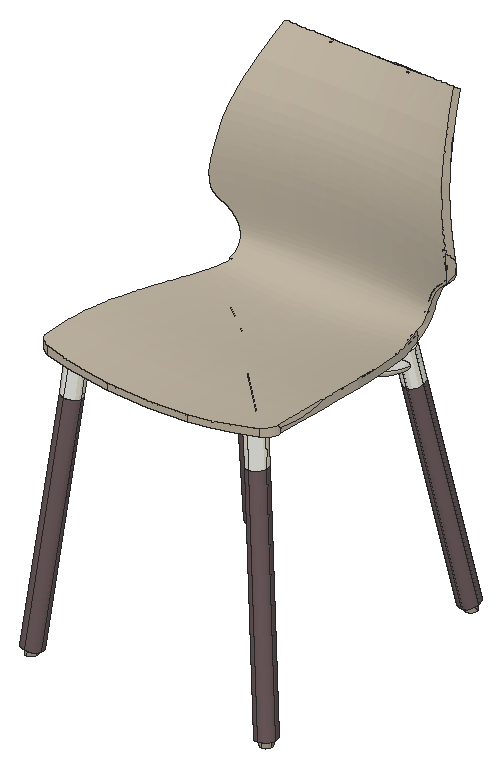
Revit family "FU_Chair_Sandler_Uni 602-M", category Furniture, Revit 2022
Family settings
  OmniClass Number = 23.40.20.00
  OmniClass Title = General Furniture and Specialties
  Work Plane-Based = No
  Always vertical = Yes
  Cut with Voids When Loaded = No
  Render Appearance Source = Family Geometry
  Shared = No
  Room Calculation Point = No
Parameters (values of type "UNI 602-M")
  Width = 450 mm
  URL = "https://www.sandlerseating.com/product/uni-602-m/"
  Shell [instance] = POLYPROPYLENE - NCS S0502-B Traffic White
  Seat [instance] = Fabric - Mainline Flax - Upminster MLF20
  Model = "UNI 602-M"
  Manufacturer = "Sandler"
  Height = 820 mm
  Frame [instance] = Beech - Dark Brown Stain
  Description = "Upholstered polypropylene side chair with beech wood frame, and rounded legs."
  Depth = 540 mm
  Default Elevation = 0 mm
Reference planes
  plane 1 "Center (Front/Back)": y = 0
  plane 2: z = 0
  plane 3 "Center (Left/Right)": x = 0
  plane 4: x = -225
  plane 5: x = 225
  plane 6: y = 270
  plane 7: y = -270
  plane 8: z = 820
  plane 9: z = 480
  plane 10 "FL RIGHT": through (4267.2, -252.167, 14.075) normal (0, -0.9966, 0.0825)
  plane 11 "BL RIGHT": through (4267.2, 223.049, 14.555) normal (0, -0.9802, -0.198)
  plane 12 "Frame Seat RIGHT": through (4267.2, -196.569, 458.017) normal (0, 0.1138, 0.9935)
  plane 13: z = 11.573
Forms (mm)
  Sweep 1, solid, material "POLYPROPYLENE - NCS S0502-B Traffic White" <- "Shell"
    path origin (0, -251.607, 20.836) x (0, -0.082528, -0.996589) y (1, 0, 0)
      loop
        line (-394.897, 165.074) -> (-454.561, 158.733)
    profile "Pro_Circles : 35mm" origin (161.904, -216.555, 444.116) x (-0.9944, -0.008722, -0.105319) y (0, -0.996589, 0.082528)
      loop
        arc (-17.467, 0.067) -> (-12.418, -12.323) -> (-0.066, -17.467) r 17.401
        arc (-0.066, -17.467) -> (12.371, -12.371) -> (17.467, 0.067) r 17.401
        arc (17.467, 0.067) -> (12.323, 12.418) -> (-0.067, 17.467) r 17.4
        arc (-0.067, 17.467) -> (-12.37, 12.37) -> (-17.467, 0.067) r 17.4
  Sweep 2, solid, material "Rubber, Black"
    path origin (0, -251.607, 20.836) x (0, -0.082528, -0.996589) y (1, 0, 0)
      loop
        line (29.336, 210.16) -> (4.476, 207.518)
    profile "Pro_Circles : 20mm" origin (208.839, -253.002, 3.988) x (-0.9944, -0.008722, -0.105319) y (0, -0.996589, 0.082528)
      loop
        arc (-9.967, 0.067) -> (-7.115, -7.02) -> (-0.067, -9.967) r 9.901
        arc (-0.067, -9.967) -> (7.068, -7.068) -> (9.967, 0.067) r 9.901
        arc (9.967, 0.067) -> (7.02, 7.115) -> (-0.067, 9.967) r 9.901
        arc (-0.067, 9.967) -> (-7.067, 7.067) -> (-9.967, 0.067) r 9.9
  Sweep 3, solid, material "POLYPROPYLENE - NCS S0502-B Traffic White" <- "Shell"
    path origin (0, -251.607, 20.836) x (0, -0.082528, -0.996589) y (1, 0, 0)
      loop
        line (-394.897, -165.074) -> (-454.561, -158.733)
    profile "Pro_Circles : 35mm" origin (-161.904, -216.555, 444.116) x (-0.9944, 0.008722, 0.105319) y (0, -0.996589, 0.082528)
      loop
        arc (17.467, 0.067) -> (12.37, 12.37) -> (0.067, 17.467) r 17.4
        arc (0.067, 17.467) -> (-12.323, 12.418) -> (-17.467, 0.067) r 17.4
        arc (-17.467, 0.067) -> (-12.371, -12.371) -> (0.066, -17.467) r 17.401
        arc (0.066, -17.467) -> (12.418, -12.323) -> (17.467, 0.067) r 17.401
  Sweep 4, solid, material "Beech - Dark Brown Stain" <- "Frame"
    path origin (0, -251.607, 20.836) x (0, -0.082528, -0.996589) y (1, 0, 0)
      loop
        line (10.748, -208.184) -> (-394.897, -165.074)
    profile "Pro_Circles : 35mm" origin (-186.629, -235.755, 212.255) x (-0.9944, 0.008722, 0.105319) y (0, -0.996589, 0.082528)
      loop
        arc (17.467, 0.067) -> (12.37, 12.37) -> (0.067, 17.467) r 17.4
        arc (0.067, 17.467) -> (-12.323, 12.418) -> (-17.467, 0.067) r 17.4
        arc (-17.467, 0.067) -> (-12.371, -12.371) -> (0.066, -17.467) r 17.401
        arc (0.066, -17.467) -> (12.418, -12.323) -> (17.467, 0.067) r 17.401
  Sweep 5, solid, material "POLYPROPYLENE - NCS S0502-B Traffic White" <- "Shell"
    path origin (0, 217.127, 43.869) x (0, 0.19804, -0.980194) y (1, 0, 0)
      loop
        line (-347.252, 151.735) -> (-407.439, 145.409)
    profile "Pro_Circles : 35mm" origin (148.572, 142.398, 413.74) x (-0.994522, 0.020701, -0.102458) y (0, -0.980194, -0.19804)
      loop
        arc (-17.467, 0.067) -> (-12.418, -12.323) -> (-0.066, -17.467) r 17.401
        arc (-0.066, -17.467) -> (12.371, -12.371) -> (17.467, 0.067) r 17.401
        arc (17.467, 0.067) -> (12.323, 12.418) -> (-0.067, 17.467) r 17.4
        arc (-0.067, 17.467) -> (-12.37, 12.37) -> (-17.467, 0.067) r 17.4
  Sweep 6, solid, material "Rubber, Black"
    path origin (0, 217.127, 43.869) x (0, 0.19804, -0.980194) y (1, 0, 0)
      loop
        line (52.004, 191.377) -> (32.103, 189.386)
    profile "Pro_Circles : 20mm" origin (190.381, 225.455, 2.648) x (-0.995032, 0.019716, -0.097583) y (0, -0.980194, -0.19804)
      loop
        arc (-9.967, 0.067) -> (-7.115, -7.02) -> (-0.067, -9.967) r 9.901
        arc (-0.067, -9.967) -> (7.068, -7.068) -> (9.967, 0.067) r 9.901
        arc (9.967, 0.067) -> (7.02, 7.115) -> (-0.067, 9.967) r 9.901
        arc (-0.067, 9.967) -> (-7.067, 7.067) -> (-9.967, 0.067) r 9.9
  Sweep 7, solid, material "POLYPROPYLENE - NCS S0502-B Traffic White" <- "Shell"
    path origin (0, 217.127, 43.869) x (0, 0.19804, -0.980194) y (1, 0, 0)
      loop
        line (-347.252, -151.735) -> (-407.439, -145.409)
    profile "Pro_Circles : 35mm" origin (-148.572, 142.398, 413.74) x (-0.994522, -0.020701, 0.102458) y (0, -0.980194, -0.19804)
      loop
        arc (17.467, 0.067) -> (12.37, 12.37) -> (0.067, 17.467) r 17.4
        arc (0.067, 17.467) -> (-12.323, 12.418) -> (-17.467, 0.067) r 17.4
        arc (-17.467, 0.067) -> (-12.371, -12.371) -> (0.066, -17.467) r 17.401
        arc (0.066, -17.467) -> (12.418, -12.323) -> (17.467, 0.067) r 17.401
  Sweep 8, solid, material "Beech - Dark Brown Stain" <- "Frame"
    path origin (0, 217.127, 43.869) x (0, 0.19804, -0.980194) y (1, 0, 0)
      loop
        line (32.814, -189.457) -> (-347.22, -151.434)
    profile "Pro_Circles : 35mm" origin (-170.445, 185.995, 197.958) x (-0.995032, -0.019716, 0.097583) y (0, -0.980194, -0.19804)
      loop
        arc (17.467, 0.067) -> (12.37, 12.37) -> (0.067, 17.467) r 17.4
        arc (0.067, 17.467) -> (-12.323, 12.418) -> (-17.467, 0.067) r 17.4
        arc (-17.467, 0.067) -> (-12.371, -12.371) -> (0.066, -17.467) r 17.401
        arc (0.066, -17.467) -> (12.418, -12.323) -> (17.467, 0.067) r 17.401
  Sweep 9, solid, material "Beech - Dark Brown Stain" <- "Frame"
    path origin (0, -251.607, 20.836) x (0, -0.082528, -0.996589) y (1, 0, 0)
      loop
        line (10.748, 208.184) -> (-394.897, 165.074)
    profile "Pro_Circles : 35mm" origin (186.629, -235.755, 212.255) x (-0.9944, -0.008722, -0.105319) y (0, -0.996589, 0.082528)
      loop
        arc (-17.467, 0.067) -> (-12.418, -12.323) -> (-0.066, -17.467) r 17.401
        arc (-0.066, -17.467) -> (12.371, -12.371) -> (17.467, 0.067) r 17.401
        arc (17.467, 0.067) -> (12.323, 12.418) -> (-0.067, 17.467) r 17.4
        arc (-0.067, 17.467) -> (-12.37, 12.37) -> (-17.467, 0.067) r 17.4
  Sweep 10, solid, material "Beech - Dark Brown Stain" <- "Frame"
    path origin (0, 217.127, 43.869) x (0, 0.19804, -0.980194) y (1, 0, 0)
      loop
        line (32.814, 189.457) -> (-347.22, 151.434)
    profile "Pro_Circles : 35mm" origin (170.445, 185.995, 197.958) x (-0.995032, 0.019716, -0.097583) y (0, -0.980194, -0.19804)
      loop
        arc (-17.467, 0.067) -> (-12.418, -12.323) -> (-0.066, -17.467) r 17.401
        arc (-0.066, -17.467) -> (12.371, -12.371) -> (17.467, 0.067) r 17.401
        arc (17.467, 0.067) -> (12.323, 12.418) -> (-0.067, 17.467) r 17.4
        arc (-0.067, 17.467) -> (-12.37, 12.37) -> (-17.467, 0.067) r 17.4
  Sweep 11, solid, material "Rubber, Black"
    path origin (0, -251.607, 20.836) x (0, -0.082528, -0.996589) y (1, 0, 0)
      loop
        line (29.336, -210.16) -> (4.476, -207.518)
    profile "Pro_Circles : 20mm" origin (-208.839, -253.002, 3.988) x (-0.9944, 0.008722, 0.105319) y (0, -0.996589, 0.082528)
      loop
        arc (9.967, 0.067) -> (7.067, 7.067) -> (0.067, 9.967) r 9.9
        arc (0.067, 9.967) -> (-7.02, 7.115) -> (-9.967, 0.067) r 9.901
        arc (-9.967, 0.067) -> (-7.068, -7.068) -> (0.067, -9.967) r 9.901
        arc (0.067, -9.967) -> (7.115, -7.02) -> (9.967, 0.067) r 9.901
  Sweep 12, solid, material "Rubber, Black"
    path origin (0, 217.127, 43.869) x (0, 0.19804, -0.980194) y (1, 0, 0)
      loop
        line (52.004, -191.377) -> (32.103, -189.386)
    profile "Pro_Circles : 20mm" origin (-190.381, 225.455, 2.648) x (-0.995032, -0.019716, 0.097583) y (0, -0.980194, -0.19804)
      loop
        arc (9.967, 0.067) -> (7.067, 7.067) -> (0.067, 9.967) r 9.9
        arc (0.067, 9.967) -> (-7.02, 7.115) -> (-9.967, 0.067) r 9.901
        arc (-9.967, 0.067) -> (-7.068, -7.068) -> (0.067, -9.967) r 9.901
        arc (0.067, -9.967) -> (7.115, -7.02) -> (9.967, 0.067) r 9.901
  Extrusion 13, void
    sketch origin (0, 0, 0) x (0, 1, 0) y (0, 0, 1)
      loop
        line (-270, 0) -> (-270, -20) -> (270, -20) -> (270, 0) -> (-270, 0)
    from -225 to 225
  Sweep 14, solid, material "POLYPROPYLENE - NCS S0502-B Traffic White" <- "Shell"
    path origin (0, 49.256, 429.848) x (0, -0.993499, 0.113844) y (1, 0, 0)
      loop
        line (262.14, 155.427) -> (122.596, 21.026)
        arc (122.596, 21.026) -> (88.973, 8.502) -> (56.879, 24.545) r 45
        line (56.879, 24.545) -> (-34.834, 134.055)
        arc (-34.834, 134.055) -> (-59.609, 149.947) -> (-89.024, 148.882) r 49.281
    profile "Pro_Circles : 18mm" origin (79.3, 38.304, 431.103) x (-0.642061, 0.761669, -0.087279) y (0, 0.113844, 0.993499)
      loop
        arc (-8.967, 0.067) -> (-6.408, -6.313) -> (-0.067, -8.967) r 8.901
        arc (-0.067, -8.967) -> (6.361, -6.361) -> (8.967, 0.067) r 8.901
        arc (8.967, 0.067) -> (6.313, 6.407) -> (-0.067, 8.967) r 8.901
        arc (-0.067, 8.967) -> (-6.36, 6.36) -> (-8.967, 0.067) r 8.9
  Sweep 15, solid, material "POLYPROPYLENE - NCS S0502-B Traffic White" <- "Shell"
    path origin (0, 49.256, 429.848) x (0, -0.993499, 0.113844) y (1, 0, 0)
      loop
        line (262.14, -155.427) -> (122.596, -21.026)
        arc (122.596, -21.026) -> (88.973, -8.502) -> (56.879, -24.545) r 45
        line (56.879, -24.545) -> (-34.834, -134.055)
        arc (-34.834, -134.055) -> (-59.609, -149.947) -> (-89.024, -148.882) r 49.281
    profile "Pro_Circles : 18mm" origin (-79.3, 38.304, 431.103) x (-0.642061, -0.761669, 0.087279) y (0, 0.113844, 0.993499)
      loop
        arc (8.967, 0.067) -> (6.36, 6.36) -> (0.067, 8.967) r 8.9
        arc (0.067, 8.967) -> (-6.313, 6.407) -> (-8.967, 0.067) r 8.901
        arc (-8.967, 0.067) -> (-6.361, -6.361) -> (0.067, -8.967) r 8.901
        arc (0.067, -8.967) -> (6.408, -6.313) -> (8.967, 0.067) r 8.901
  Extrusion 16, solid, material "POLYPROPYLENE - NCS S0502-B Traffic White" <- "Shell"
    sketch origin (0, 49.256, 429.848) x (0, -0.993499, 0.113844) y (1, 0, 0)
      loop
        circle (-28.551, 126.657) r 9
    from 0 to 31.001
  Extrusion 17, solid, material "POLYPROPYLENE - NCS S0502-B Traffic White" <- "Shell"
    sketch origin (0, 49.256, 429.848) x (0, -0.993499, 0.113844) y (1, 0, 0)
      loop
        circle (223.42, 118.119) r 8.957
    from 0 to 23.409
  Extrusion 18, solid, material "POLYPROPYLENE - NCS S0502-B Traffic White" <- "Shell"
    sketch origin (0, 49.256, 429.848) x (0, -0.993499, 0.113844) y (1, 0, 0)
      loop
        circle (-28.551, -126.657) r 9
    from 0 to 31.001
  Extrusion 19, solid, material "POLYPROPYLENE - NCS S0502-B Traffic White" <- "Shell"
    sketch origin (0, 49.256, 429.848) x (0, -0.993499, 0.113844) y (1, 0, 0)
      loop
        circle (223.42, -118.119) r 8.957
    from 0 to 23.409
Cuts and joins
  Extrusion 13 cuts Sweep 11
  Extrusion 13 cuts Sweep 2
  Extrusion 13 cuts Sweep 6
  Extrusion 13 cuts Sweep 12
Lines and regions (mm)
  reference lines
    curve 1: line (140.184, -208.323, 459.363) -> (152.891, -195.698, 457.917)
    curve 2: line (15.22, -79.335, 444.583) -> (27.843, -66.794, 443.146)
    curve 3: line (19.589, 0.225, 435.466) -> (30.859, -13.602, 437.051)
    curve 4: line (128.422, 90.773, 425.09) -> (139.687, 76.952, 426.674)
    curve 5: line (160.084, 127.119, 420.926) -> (142.629, 127.119, 420.926)
Dimensions and locks
  equal spacing: plane 6, plane 1 "Center (Front/Back)", plane 7
  "Depth": plane 6 to plane 7
  equal spacing: plane 4, plane 3 "Center (Left/Right)", plane 5
  "Width": plane 4 to plane 5
  "Height": plane 8 to level
  aligned and locked: level to plane 2
Automatic sketch dimensions
  plane 5 to Sweep 1 sketch curve = 66.267 mm
  plane 5 to Sweep 1 sketch curve = 59.926 mm
  Sweep 1 sketch curve to Sweep 1 sketch curve = 59.664 mm
  plane 5 to Sweep 2 sketch curve = 17.482 mm
  plane 5 to Sweep 2 sketch curve = 14.84 mm
  Sweep 2 sketch curve to Sweep 2 sketch curve = 24.86 mm
  Sweep 3 sketch curve to plane 4 = 66.267 mm
  Sweep 3 sketch curve to plane 4 = 59.926 mm
  Sweep 3 sketch curve to Sweep 3 sketch curve = 59.664 mm
  Sweep 4 sketch curve to plane 4 = 59.926 mm
  Sweep 4 sketch curve to plane 4 = 16.816 mm
  Sweep 4 sketch curve to Sweep 4 sketch curve = 405.645 mm
  plane 5 to Sweep 5 sketch curve = 79.591 mm
  plane 5 to Sweep 5 sketch curve = 73.265 mm
  Sweep 5 sketch curve to Sweep 5 sketch curve = 60.187 mm
  plane 5 to Sweep 6 sketch curve = 35.614 mm
  plane 5 to Sweep 6 sketch curve = 33.623 mm
  Sweep 6 sketch curve to Sweep 6 sketch curve = 19.901 mm
  Sweep 7 sketch curve to plane 4 = 79.591 mm
  Sweep 7 sketch curve to plane 4 = 73.265 mm
  Sweep 7 sketch curve to Sweep 7 sketch curve = 60.187 mm
  Sweep 8 sketch curve to plane 4 = 73.566 mm
  Sweep 8 sketch curve to plane 4 = 35.543 mm
  Sweep 8 sketch curve to Sweep 8 sketch curve = 380.035 mm
  plane 5 to Sweep 9 sketch curve = 59.926 mm
  plane 5 to Sweep 9 sketch curve = 16.816 mm
  Sweep 9 sketch curve to Sweep 9 sketch curve = 405.645 mm
  plane 5 to Sweep 10 sketch curve = 73.566 mm
  plane 5 to Sweep 10 sketch curve = 35.543 mm
  Sweep 10 sketch curve to Sweep 10 sketch curve = 380.035 mm
  Sweep 11 sketch curve to plane 4 = 17.482 mm
  Sweep 11 sketch curve to plane 4 = 14.84 mm
  Sweep 11 sketch curve to Sweep 11 sketch curve = 24.86 mm
  Sweep 12 sketch curve to plane 4 = 35.614 mm
  Sweep 12 sketch curve to plane 4 = 33.623 mm
  Sweep 12 sketch curve to Sweep 12 sketch curve = 19.901 mm
  Extrusion 13 sketch curve to plane 7 = 0 mm
  Extrusion 13 sketch curve to plane 6 = 0 mm
  Extrusion 13 sketch curve to level = 0 mm
  Extrusion 13 sketch curve to level = 20 mm
  plane 5 to curve 5 = 64.916 mm
  plane 5 to curve 4 = 96.578 mm
  curve 5 to curve 4 = 36.584 mm
  plane 5 to curve 4 = 85.313 mm
  curve 4 to curve 4 = 13.911 mm
  plane 3 "Center (Left/Right)" to curve 3 = 19.589 mm
  curve 4 to curve 3 = 91.141 mm
  plane 3 "Center (Left/Right)" to curve 3 = 30.859 mm
  curve 3 to curve 3 = 13.917 mm
  plane 3 "Center (Left/Right)" to curve 2 = 27.843 mm
  curve 3 to curve 2 = 53.541 mm
  plane 3 "Center (Left/Right)" to curve 2 = 15.22 mm
  curve 2 to curve 2 = 12.623 mm
  plane 5 to curve 1 = 72.109 mm
  curve 2 to curve 1 = 129.748 mm
  plane 5 to curve 1 = 84.816 mm
  curve 1 to curve 1 = 12.707 mm
  curve 5 to curve 5 = 17.454 mm
  plane 3 "Center (Left/Right)" to Sweep 14 sketch curve = 102.414 mm
  plane 5 to Sweep 14 sketch curve = 90.945 mm
  Sweep 14 sketch curve to Sweep 14 sketch curve = 37.781 mm
  plane 3 "Center (Left/Right)" to Sweep 14 sketch curve = 24.545 mm
  Sweep 14 sketch curve to Sweep 14 sketch curve = 91.713 mm
  Sweep 14 sketch curve to Sweep 14 sketch curve = 34.499 mm
  plane 3 "Center (Left/Right)" to Sweep 14 sketch curve = 21.026 mm
  Sweep 14 sketch curve to Sweep 14 sketch curve = 31.217 mm
  Sweep 14 sketch curve to Sweep 14 sketch curve = 16.41 mm
  plane 5 to Sweep 14 sketch curve = 69.573 mm
  Sweep 14 sketch curve to Sweep 14 sketch curve = 139.544 mm
  Sweep 15 sketch curve to plane 3 "Center (Left/Right)" = 102.414 mm
  Sweep 15 sketch curve to plane 4 = 90.945 mm
  Sweep 15 sketch curve to Sweep 15 sketch curve = 37.781 mm
  Sweep 15 sketch curve to plane 3 "Center (Left/Right)" = 24.545 mm
  Sweep 15 sketch curve to Sweep 15 sketch curve = 91.713 mm
  Sweep 15 sketch curve to Sweep 15 sketch curve = 34.499 mm
  Sweep 15 sketch curve to plane 3 "Center (Left/Right)" = 21.026 mm
  Sweep 15 sketch curve to Sweep 15 sketch curve = 31.217 mm
  Sweep 15 sketch curve to Sweep 15 sketch curve = 16.41 mm
  Sweep 15 sketch curve to plane 4 = 69.573 mm
  Sweep 15 sketch curve to Sweep 15 sketch curve = 139.544 mm
  plane 5 to Extrusion 16 sketch curve = 98.343 mm
  plane 5 to Extrusion 17 sketch curve = 106.881 mm
  Extrusion 18 sketch curve to plane 4 = 98.343 mm
  Extrusion 19 sketch curve to plane 4 = 106.881 mm
  radius of Extrusion 16 sketch curve = 9 mm
  radius of Extrusion 17 sketch curve = 8.957 mm
  radius of Extrusion 18 sketch curve = 9 mm
  radius of Extrusion 19 sketch curve = 8.957 mm
Nested families
  nested 1: "TP02 - UNI" at (0, -71.707, 437.662), Seat <- "Seat", Shell <- "Shell", type "TP02 - UNI"
    with Shell POLYPROPYLENE - NCS S0502-B Traffic White, Seat Fabric - Mainline Flax - Upminster MLF20
Definition of nested family "TP02 - UNI"
  Parameters (values of type "TP02 - UNI")
    Shell [instance] = none
    Seat [instance] = none
    Default Elevation = 0 mm
  Reference planes
    plane 1 "Center (Front/Back)": y = 0
    plane 2: z = 0
    plane 3 "Center (Left/Right)": x = 0
  Forms (mm)
    SweptBlend 1, solid, material <- "Seat"
      path origin (0, 0, -717.837) x (0, 1, 0) y (0, 0, 1)
        loop
          spline (323.172, 1085.311) -> (259.57, 976.379) -> (248.07, 913.687) -> (248.886, 861.513) -> (252.717, 809.167) -> (245.702, 765.976) -> (217.957, 742.046) -> (186.248, 735.174) -> (139.773, 736.63) -> (70.08, 743.875) -> (-3.346, 752.402) -> (-77.964, 758.618) -> (-186.949, 760.987)
      profile origin (0, 323.172, 367.474) x (0, 0.798636, -0.601815) y (1, 0, 0)
        loop
          arc (-15.338, -215.675) -> (6.269, -1.654) -> (-15.338, 212.366) r 1070.785
          line (-15.338, 212.366) -> (-33.648, 209.844)
          arc (-33.648, 209.844) -> (0.082, -1.654) -> (-33.648, -213.152) r 679.938
          line (-33.648, -213.152) -> (-15.338, -215.675)
      end profile origin (0, -186.949, 43.15) x (0, 0, -1) y (1, 0, 0)
        loop
          arc (-3.72, -211.437) -> (12.494, -0.007) -> (-3.298, 211.454) r 1404.901
          line (-3.298, 211.454) -> (-17.017, 209.007)
          arc (-17.017, 209.007) -> (1.355, 0.01) -> (-17.507, -208.944) r 1182.154
          line (-17.507, -208.944) -> (-3.72, -211.437)
    Extrusion 2, void
      sketch origin (0, 0, -717.837) x (1, 0, 0) y (0, 0, 1)
        loop
          line (-146.293, 1105.236) -> (-150.259, 1137.759) -> (-250.806, 1137.759) -> (-250.806, 734.719) -> (-170.806, 734.719)
          arc (-170.806, 734.719) -> (-169.893, 787.505) -> (-200.072, 830.821) r 85.754
          arc (-200.072, 830.821) -> (-211.252, 845.324) -> (-213.579, 863.486) r 35
          arc (-213.579, 863.486) -> (-188.058, 986.622) -> (-146.293, 1105.236) r 937.804
        loop
          arc (147.748, 1101.831) -> (188.553, 984.838) -> (213.579, 863.486) r 937.804
          arc (213.579, 863.486) -> (211.252, 845.324) -> (200.072, 830.821) r 35
          arc (200.072, 830.821) -> (169.893, 787.505) -> (170.806, 734.719) r 85.754
          line (170.806, 734.719) -> (235.806, 734.719) -> (235.806, 1131.509) -> (150.259, 1131.509) -> (147.748, 1101.831)
      from -349.804 to -206.01
    Extrusion 3, void
      sketch origin (0, 0, -479.136) x (-1, 0, 0) y (0, -1, 0)
        loop
          arc (-159.074, -206.01) -> (-193.056, -30.256) -> (-200.867, 148.583) r 1215.996
          arc (-200.867, 148.583) -> (-196.516, 157.731) -> (-187.568, 162.479) r 16.127
          arc (-187.568, 162.479) -> (0, 178.307) -> (187.568, 162.479) r 1119.301
          arc (187.568, 162.479) -> (196.886, 158.085) -> (200.867, 148.583) r 14.366
          arc (200.867, 148.583) -> (193.056, -30.256) -> (159.074, -206.01) r 1215.996
          line (159.074, -206.01) -> (236.574, -206.01) -> (236.574, 228.99) -> (-226.574, 228.99) -> (-226.574, -206.01) -> (-159.074, -206.01)
      from 453.199 to 561.3
    SweptBlend 4, solid, material <- "Shell"
      path origin (0, 0, -717.837) x (0, 1, 0) y (0, 0, 1)
        loop
          spline (320.124, 1081.731) -> (256.745, 973.754) -> (245.186, 911.555) -> (245.876, 859.767) -> (249.56, 807.801) -> (242.498, 764.947) -> (214.904, 741.259) -> (183.415, 734.51) -> (137.289, 736.063) -> (68.13, 743.413) -> (-4.73, 752.045) -> (-78.779, 758.386) -> (-186.949, 760.987)
      profile origin (0, 320.124, 363.894) x (0, 0.797244, -0.603657) y (1, 0, 0)
        loop
          arc (-11.691, -216.177) -> (10.019, -1.654) -> (-11.691, 212.869) r 1070.785
          line (-11.691, 212.869) -> (-28.865, 210.503)
          arc (-28.865, 210.503) -> (5.082, -1.654) -> (-28.865, -213.812) r 679.938
          line (-28.865, -213.812) -> (-11.691, -216.177)
      end profile origin (0, -186.949, 43.15) x (0, -0.002309, -0.999997) y (1, 0, 0)
        loop
          arc (-0.072, -212.096) -> (16.244, -0.011) -> (0.353, 212.106) r 1404.901
          line (0.353, 212.106) -> (-10.961, 210.087)
          arc (-10.961, 210.087) -> (7.605, 0.002) -> (-11.455, -210.038) r 1182.154
          line (-11.455, -210.038) -> (-0.072, -212.096)
    Extrusion 5, void
      sketch origin (0.806, 0, -717.837) x (1, 0, 0) y (0, 0, 1)
        loop
          line (-138.793, 1105.236) -> (-142.759, 1137.759) -> (-243.306, 1137.759) -> (-243.306, 734.719) -> (-163.306, 734.719)
          arc (-163.306, 734.719) -> (-162.393, 787.505) -> (-192.572, 830.821) r 85.754
          arc (-192.572, 830.821) -> (-203.752, 845.324) -> (-206.079, 863.486) r 35
          arc (-206.079, 863.486) -> (-180.558, 986.622) -> (-138.793, 1105.236) r 937.804
        loop
          arc (140.248, 1101.831) -> (181.053, 984.838) -> (206.079, 863.486) r 937.804
          arc (206.079, 863.486) -> (203.752, 845.324) -> (192.572, 830.821) r 35
          arc (192.572, 830.821) -> (162.393, 787.505) -> (163.306, 734.719) r 85.754
          line (163.306, 734.719) -> (228.306, 734.719) -> (228.306, 1131.509) -> (142.759, 1131.509) -> (140.248, 1101.831)
      from -349.804 to -206.01
    Extrusion 6, void
      sketch origin (1.574, -1.01, -479.136) x (-1, 0, 0) y (0, -1, 0)
        loop
          arc (-165.894, -208.51) -> (-200.404, -31.542) -> (-208.367, 148.583) r 1215.996
          arc (-208.367, 148.583) -> (-202.235, 164.246) -> (-187.568, 172.479) r 25
          arc (-187.568, 172.479) -> (0, 188.307) -> (187.568, 172.479) r 1119.301
          arc (187.568, 172.479) -> (202.235, 164.246) -> (208.367, 148.583) r 25
          arc (208.367, 148.583) -> (200.404, -31.542) -> (165.894, -208.51) r 1215.996
          line (165.894, -208.51) -> (236.574, -208.51) -> (236.574, 228.99) -> (-226.574, 228.99) -> (-226.574, -208.51) -> (-165.894, -208.51)
      from 453.199 to 561.3
  Cuts and joins
    Extrusion 3, Extrusion 5 cuts SweptBlend 4
    Extrusion 2, Extrusion 6 cuts SweptBlend 1
  Dimensions and locks
    aligned and locked: level to plane 2
